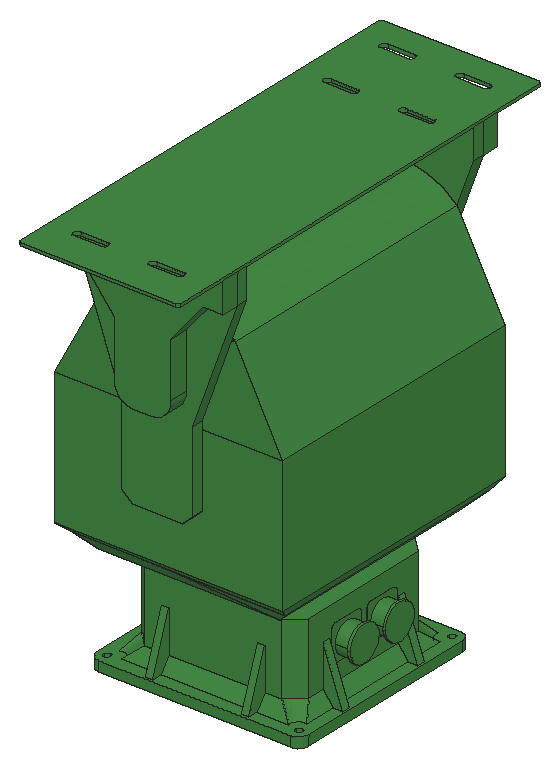
Revit family "SDP-883 Поворотное устройство", category Оборудование, Revit 2017
Family settings
  Размер круглого соединителя = Использовать диаметр
  Тип детали = Нормальный
  На основе рабочей плоскости = Нет
  Всегда вертикально = Нет
  При загрузке вырезать с полостями = Нет
  Общий = Нет
  Точка расчета площади = Нет
Parameters (values of type "SDP-883 Поворотное устройство")
  угол поворота [instance] = 0.00°
  Угол поворота по горизонтали, град. = 360.00°
  Угол обзора по вертикали, град. = "±45"
  Точность позиционирования, град. = 0.5
  Смещение_УГО_Y [instance] = 0 mm
  Смещение_УГО_X [instance] = 0 mm
  Скорость поворота по горизонтали, град/сек. = "0,01-30"
  Скорость поворота по вертикали, град/сек. = "0,01-15"
  Режим работы = "непрерывный"
  Раздел проекта [instance] = ""
  Раздел Спецификации [instance] = ""
  Потребляемый ток, не более, А = 4.5 A
  Потребляемый ток в режиме экономии энергии, не более, А = 0.6 A
  Напряжение электропитания постоянного тока, В = "24±10%"
  Максимальная нагрузка, кг = 50
  Количество предустановок, шт. = 30
  Интерфейс управления = "Ethernet 100 Мбит/с"
  Защита от внешних воздействий = "IP66"
  Диапазон рабочих температур, ºС = "от -40 до +50"
  Выходное напряжение постоянного тока, В = 24
  В_угол поворота [instance] = if(and(угол поворота > -89.99°, not(угол поворота > 90.01°)), угол поворота, 0.00°)  # 0.00°
  В_Смещение_УГО_Y [instance] = Смещение_УГО_Y + 2000 mm  # 2000 mm
  В_Смещение_УГО_X [instance] = Смещение_УГО_X + 2000 mm  # 2000 mm
  d_короба = 20 mm
  ADSK_Размер_Ширина = 233 mm
  ADSK_Размер_Длина = 450 mm
  ADSK_Размер_Высота = 404 mm
  ADSK_Примечание = ""
  ADSK_Наименование = "Поворотное устройство SDP-883"
  ADSK_Масса = 22
  ADSK_Марка = "СТВФ.426459.074"
  ADSK_Количество = 1
  ADSK_Завод-изготовитель = "ООО «Основа Безопасности»"  # constant formula
  ADSK_Единица измерения = "шт."  # constant formula
  ADSK_URL страницы изделия = "https://stilsoft.ru/products/sdp-883"
  ADSK_URL документации изделия = ""
Reference planes
  plane 1 "По центру (Вперед/Назад)": y = 0
  plane 2: z = 0
  plane 3 "По центру (Влево/Вправо)": x = 0
  plane 4: y = 2000
  plane 5: x = -2000
  plane 6: x = 0
  plane 7: y = 0
  plane 8: x = 116.5
  plane 9: x = -116.5
  plane 10: z = 404
  plane 11: y = 225
  plane 12: y = -225
  plane 13: z = 319.906
  plane 14: z = 313.828
Forms (mm)
  Extrusion 1, solid, material "По умолчанию", detail levels medium+fine
    sketch origin (0, 0, 0) x (1, 0, 0) y (0, 1, 0)
      loop
        arc (-95, 105) -> (-102.071, 102.071) -> (-105, 95) r 10
        line (-105, 95) -> (-105, -95)
        arc (-105, -95) -> (-102.071, -102.071) -> (-95, -105) r 10
        line (-95, -105) -> (95, -105)
        arc (95, -105) -> (102.071, -102.071) -> (105, -95) r 10
        line (105, -95) -> (105, 95)
        arc (105, 95) -> (102.071, 102.071) -> (95, 105) r 10
        line (95, 105) -> (-95, 105)
      loop
        circle (-95, 95) r 3.39
      loop
        circle (95, 95) r 3.39
      loop
        circle (-95, -95) r 3.39
      loop
        circle (95, -95) r 3.39
    from 0 to 10
  Extrusion 2, solid, material "По умолчанию", detail levels medium+fine
    sketch origin (0, 0, 0) x (1, 0, 0) y (0, 1, 0)
      loop
        line (82.5, 67.5) -> (67.5, 82.5) -> (-67.5, 82.5) -> (-82.5, 67.5) -> (-82.5, -67.5) -> (-67.5, -82.5) -> (67.5, -82.5) -> (82.5, -67.5) -> (82.5, 67.5)
    from 23 to 93
  Blend 3, solid, material "По умолчанию", detail levels medium+fine
    base sketch origin (0, 0, 0) x (1, 0, 0) y (0, 1, 0)
      loop
        arc (-82.5, 92.5) -> (-84.328, 84.328) -> (-92.5, 82.5) r 7.816
        line (-92.5, 82.5) -> (-92.5, -82.5)
        arc (-92.5, -82.5) -> (-84.328, -84.328) -> (-82.5, -92.5) r 7.816
        line (-82.5, -92.5) -> (82.5, -92.5)
        arc (82.5, -92.5) -> (84.328, -84.328) -> (92.5, -82.5) r 7.816
        line (92.5, -82.5) -> (92.5, 82.5)
        arc (92.5, 82.5) -> (84.328, 84.328) -> (82.5, 92.5) r 7.816
        line (82.5, 92.5) -> (-82.5, 92.5)
    top sketch origin (0, 0, 0) x (1, 0, 0) y (0, 1, 0)
      loop
        line (-82.5, -67.5) -> (-67.5, -82.5) -> (67.5, -82.5) -> (82.5, -67.5) -> (82.5, 67.5) -> (67.5, 82.5) -> (-67.5, 82.5) -> (-82.5, 67.5) -> (-82.5, -67.5)
    from 10 to 23
  Extrusion 4, solid, material "По умолчанию", detail levels medium+fine
    sketch origin (0, 0, 0) x (1, 0, 0) y (0, 0, 1)
      loop
        line (82.5, 65) -> (82.5, 23) -> (92.5, 10) -> (102.5, 10) -> (82.5, 65)
    from 43 to 50
  Extrusion 5, solid, material "По умолчанию", detail levels medium+fine
    sketch origin (0, 0, 0) x (1, 0, 0) y (0, 0, -1)
      loop
        line (82.5, -65) -> (102.5, -10) -> (92.5, -10) -> (82.5, -23) -> (82.5, -65)
    from 43 to 50
  Extrusion 6, solid, material "По умолчанию", detail levels medium+fine
    sketch origin (-94, 0, 0) x (0, -1, 0) y (0, 0, -1)
      loop
        line (82.5, -65) -> (102.5, -10) -> (92.5, -10) -> (82.5, -23) -> (82.5, -65)
    from 43 to 50
  Extrusion 7, solid, material "По умолчанию", detail levels medium+fine
    sketch origin (94, 0, 0) x (0, -1, 0) y (0, 0, 1)
      loop
        line (82.5, 65) -> (82.5, 23) -> (92.5, 10) -> (102.5, 10) -> (82.5, 65)
    from 43 to 50
  Extrusion 8, solid, material "По умолчанию", detail levels medium+fine
    sketch origin (-94, 0, 0) x (0, 1, 0) y (0, 0, 1)
      loop
        line (82.5, 65) -> (82.5, 23) -> (92.5, 10) -> (102.5, 10) -> (82.5, 65)
    from 43 to 50
  Extrusion 9, solid, material "По умолчанию", detail levels medium+fine
    sketch origin (94, 0, 0) x (0, 1, 0) y (0, 0, -1)
      loop
        line (82.5, -65) -> (102.5, -10) -> (92.5, -10) -> (82.5, -23) -> (82.5, -65)
    from 43 to 50
  Extrusion 10, solid, material "По умолчанию", detail levels medium+fine
    sketch origin (0, 0, 0) x (1, 0, 0) y (0, 1, 0)
      loop
        circle (0, 0) r 55
    from 93 to 95
  Extrusion 11, solid, material "По умолчанию", detail levels medium+fine
    sketch origin (0, 0, 0) x (1, 0, 0) y (0, 1, 0)
      loop
        circle (0, 0) r 40
    from 95 to 100
  Extrusion 12, solid, material "По умолчанию", detail levels medium+fine
    sketch origin (0, 0, 0) x (1, 0, 0) y (0, 1, 0)
      loop
        circle (0, 0) r 48
    from 100 to 108
  Extrusion 13, solid, material "По умолчанию", detail levels medium+fine
    sketch origin (0, 0, 0) x (1, 0, 0) y (0, 1, 0)
      loop
        circle (0, 0) r 56
    from 108 to 114
  Blend 14, solid, material "По умолчанию", detail levels medium+fine
    base sketch origin (0, 0, 0) x (1, 0, 0) y (0, 1, 0)
      loop
        line (90, -112) -> (90, 113) -> (-90, 113) -> (-90, -112) -> (90, -112)
    top sketch origin (0, 0, 0) x (1, 0, 0) y (0, 1, 0)
      loop
        line (0, -126) -> (106.5, -126) -> (106.5, 126) -> (-106.5, 126) -> (-106.5, -126) -> (0, -126)
    from 114 to 130
  Extrusion 15, solid, material "По умолчанию", detail levels medium+fine
    sketch origin (0, 0, 0) x (1, 0, 0) y (0, 1, 0)
      loop
        line (-113, -137) -> (113, -137) -> (113, 137) -> (-113, 137) -> (-113, -137)
    from 140 to 274
  Blend 16, solid, material "По умолчанию", detail levels medium+fine
    base sketch origin (0, 0, 0) x (1, 0, 0) y (0, 1, 0)
      loop
        line (-106.5, 126) -> (-106.5, -126) -> (106.5, -126) -> (106.5, 126) -> (-106.5, 126)
    top sketch origin (0, 0, 0) x (1, 0, 0) y (0, 1, 0)
      loop
        line (-113, 137) -> (-113, -137) -> (113, -137) -> (113, 137) -> (-113, 137)
    from 130 to 140
  Blend 17, solid, material "По умолчанию", detail levels medium+fine
    base sketch origin (0, 0, 0) x (1, 0, 0) y (0, 1, 0)
      loop
        line (-113, 137) -> (-113, -137) -> (113, -137) -> (113, 137) -> (-113, 137)
    top sketch origin (0, 0, 0) x (1, 0, 0) y (0, 1, 0)
      loop
        line (-66, 137) -> (-66, -137) -> (66, -137) -> (66, 137) -> (-66, 137)
    from 274 to 364
  Extrusion 18, solid, material "По умолчанию", detail levels medium+fine
    sketch origin (0, 0, 0) x (1, 0, 0) y (0, 0, 1)
      loop
        line (-66, 364) -> (66, 364)
        spline (66, 364) -> (56.109, 372.34) -> (45.605, 378.488) -> (34.623, 382.754) -> (23.294, 385.451) -> (11.753, 386.892) -> (0.131, 387.39) -> (-11.45, 387.133) -> (-22.906, 385.876) -> (-34.163, 383.276) -> (-45.147, 378.992) -> (-55.785, 372.681) -> (-66, 364)
    from -137 to 137
  Extrusion 19, solid, material "По умолчанию", detail levels medium+fine
    sketch origin (0, 0, 0) x (0, 1, 0) y (0, 0, 1)
      loop
        line (-8.916, 75.764) -> (-34.916, 75.764)
        arc (-34.916, 75.764) -> (-38.452, 74.3) -> (-39.916, 70.764) r 5
        line (-39.916, 70.764) -> (-39.916, 44.764)
        arc (-39.916, 44.764) -> (-38.452, 41.229) -> (-34.916, 39.764) r 5
        line (-34.916, 39.764) -> (-8.916, 39.764)
        arc (-8.916, 39.764) -> (-5.381, 41.229) -> (-3.916, 44.764) r 5
        line (-3.916, 44.764) -> (-3.916, 70.764)
        arc (-3.916, 70.764) -> (-5.381, 74.3) -> (-8.916, 75.764) r 5
      loop
        arc (8.916, 75.764) -> (5.381, 74.3) -> (3.916, 70.764) r 5
        line (3.916, 70.764) -> (3.916, 44.764)
        arc (3.916, 44.764) -> (5.381, 41.229) -> (8.916, 39.764) r 5
        line (8.916, 39.764) -> (34.916, 39.764)
        arc (34.916, 39.764) -> (38.452, 41.229) -> (39.916, 44.764) r 5
        line (39.916, 44.764) -> (39.916, 70.764)
        arc (39.916, 70.764) -> (38.452, 74.3) -> (34.916, 75.764) r 5
        line (34.916, 75.764) -> (8.916, 75.764)
    from 82.5 to 83.855
  Extrusion 20, solid, material "По умолчанию", detail levels medium+fine
    sketch origin (0, 0, 0) x (0, 1, 0) y (0, 0, -1)
      loop
        arc (-8.916, -75.764) -> (-5.381, -74.3) -> (-3.916, -70.764) r 5
        line (-3.916, -70.764) -> (-3.916, -44.764)
        arc (-3.916, -44.764) -> (-5.381, -41.229) -> (-8.916, -39.764) r 5
        line (-8.916, -39.764) -> (-34.916, -39.764)
        arc (-34.916, -39.764) -> (-38.452, -41.229) -> (-39.916, -44.764) r 5
        line (-39.916, -44.764) -> (-39.916, -70.764)
        arc (-39.916, -70.764) -> (-38.452, -74.3) -> (-34.916, -75.764) r 5
        line (-34.916, -75.764) -> (-8.916, -75.764)
      loop
        line (8.916, -75.764) -> (34.916, -75.764)
        arc (34.916, -75.764) -> (38.452, -74.3) -> (39.916, -70.764) r 5
        line (39.916, -70.764) -> (39.916, -44.764)
        arc (39.916, -44.764) -> (38.452, -41.229) -> (34.916, -39.764) r 5
        line (34.916, -39.764) -> (8.916, -39.764)
        arc (8.916, -39.764) -> (5.381, -41.229) -> (3.916, -44.764) r 5
        line (3.916, -44.764) -> (3.916, -70.764)
        arc (3.916, -70.764) -> (5.381, -74.3) -> (8.916, -75.764) r 5
    from 82.5 to 83.855
  Extrusion 21, solid, material "По умолчанию", detail levels medium+fine
    sketch origin (0, 0, 0) x (0, 1, 0) y (0, 0, 1)
      loop
        circle (21.916, 57.764) r 15
      loop
        circle (-21.916, 57.764) r 15
    from 83.855 to 99
  Extrusion 22, solid, material "По умолчанию", detail levels medium+fine
    sketch origin (0, 0, 0) x (0, 1, 0) y (0, 0, -1)
      loop
        circle (21.916, -57.764) r 15
      loop
        circle (-21.916, -57.764) r 15
    from 83.855 to 99
  Extrusion 23, solid, material "По умолчанию", detail levels medium+fine
    sketch origin (0, 0, 0) x (0, 1, 0) y (0, 0, 1)
      loop
        circle (-21.916, 57.764) r 17.5
      loop
        circle (21.916, 57.764) r 17.5
    from 99 to 101.419
  Extrusion 24, solid, material "По умолчанию", detail levels medium+fine
    sketch origin (0, 0, 0) x (0, 1, 0) y (0, 0, -1)
      loop
        circle (-21.916, -57.764) r 17.5
      loop
        circle (21.916, -57.764) r 17.5
    from 99 to 101.419
  Extrusion 25, solid, material "По умолчанию", detail levels medium+fine
    sketch origin (0, 0, 0) x (1, 0, 0) y (0, 0, 1)
      loop
        circle (0, 319.906) r 21
    from 137 to 140.405
  Extrusion 26, solid, material "По умолчанию", detail levels medium+fine
    sketch origin (0, 0, 0) x (1, 0, 0) y (0, 0, -1)
      loop
        circle (0, -319.906) r 21
    from 137 to 140.405
Lines and regions (mm)
  reference lines
    curve 1: line (0, 0, 319.906) -> (195, 0, 319.906)
Dimensions and locks
  locked: plane 4 to plane 1 "По центру (Вперед/Назад)" at 2000
  locked: plane 5 to plane 3 "По центру (Влево/Вправо)" at 2000
  "В_Смещение_УГО_X": plane 5 to plane 6
  "В_Смещение_УГО_Y": plane 4 to plane 7
  Extrusion 15 to Extrusion 1 = 274 mm
  locked: plane 13 to plane 14 at 6.078
  "В_угол поворота": angle plane 14 to curve 1
  aligned and locked: level to plane 2
  aligned and locked: nested 1 to curve 1
  aligned and locked: plane 13 to curve 1
  aligned and locked: plane 3 "По центру (Влево/Вправо)" to curve 1
Automatic sketch dimensions
  Extrusion 1 sketch curve to Extrusion 1 sketch curve = 0 mm  (x8)
  Extrusion 1 sketch curve to plane 9 = 11.5 mm
  Extrusion 1 sketch curve to Extrusion 1 sketch curve = 10 mm  (x3)
  Extrusion 1 sketch curve to plane 8 = 21.5 mm  (x2)
  plane 1 "По центру (Вперед/Назад)" to Extrusion 1 sketch curve = 105 mm
  Extrusion 1 sketch curve to plane 1 "По центру (Вперед/Назад)" = 95 mm
  Extrusion 2 sketch curve to plane 9 = 34 mm
  Extrusion 2 sketch curve to Extrusion 2 sketch curve = 15 mm  (x6)
  Extrusion 2 sketch curve to plane 8 = 49 mm  (x2)
  plane 1 "По центру (Вперед/Назад)" to Extrusion 2 sketch curve = 82.5 mm
  Extrusion 2 sketch curve to plane 1 "По центру (Вперед/Назад)" = 67.5 mm  (x2)
  Blend 3 sketch curve to plane 9 = 24 mm
  Blend 3 sketch curve to Blend 3 sketch curve = 2.646 mm  (x5)
  Blend 3 sketch curve to Blend 3 sketch curve = 7.354 mm  (x5)
  Blend 3 sketch curve to plane 8 = 34 mm  (x2)
  plane 1 "По центру (Вперед/Назад)" to Blend 3 sketch curve = 92.5 mm
  Blend 3 sketch curve to plane 1 "По центру (Вперед/Назад)" = 82.5 mm  (x2)
  Blend 3 sketch curve to plane 9 = 34 mm
  Blend 3 sketch curve to Blend 3 sketch curve = 15 mm  (x6)
  Blend 3 sketch curve to plane 8 = 49 mm  (x2)
  plane 1 "По центру (Вперед/Назад)" to Blend 3 sketch curve = 82.5 mm
  Blend 3 sketch curve to plane 1 "По центру (Вперед/Назад)" = 67.5 mm  (x2)
  Extrusion 4 sketch curve to plane 8 = 34 mm
  Extrusion 4 sketch curve to Extrusion 4 sketch curve = 10 mm  (x2)
  level to Extrusion 4 sketch curve = 10 mm
  Extrusion 4 sketch curve to Extrusion 4 sketch curve = 13 mm
  Extrusion 4 sketch curve to Extrusion 4 sketch curve = 42 mm
  Extrusion 5 sketch curve to plane 8 = 34 mm
  Extrusion 5 sketch curve to Extrusion 5 sketch curve = 10 mm  (x2)
  level to Extrusion 5 sketch curve = 65 mm
  level to Extrusion 5 sketch curve = 23 mm
  level to Extrusion 5 sketch curve = 10 mm
  level to Extrusion 6 sketch curve = 23 mm
  plane 1 "По центру (Вперед/Назад)" to Extrusion 6 sketch curve = 82.5 mm
  Extrusion 6 sketch curve to Extrusion 6 sketch curve = 10 mm  (x2)
  level to Extrusion 6 sketch curve = 10 mm
  Extrusion 6 sketch curve to Extrusion 6 sketch curve = 42 mm
  level to Extrusion 7 sketch curve = 23 mm
  plane 1 "По центру (Вперед/Назад)" to Extrusion 7 sketch curve = 82.5 mm
  Extrusion 7 sketch curve to Extrusion 7 sketch curve = 10 mm  (x2)
  level to Extrusion 7 sketch curve = 10 mm
  Extrusion 7 sketch curve to Extrusion 7 sketch curve = 42 mm
  level to Extrusion 8 sketch curve = 23 mm
  Extrusion 8 sketch curve to plane 1 "По центру (Вперед/Назад)" = 82.5 mm
  Extrusion 8 sketch curve to Extrusion 8 sketch curve = 10 mm  (x2)
  level to Extrusion 8 sketch curve = 10 mm
  Extrusion 8 sketch curve to Extrusion 8 sketch curve = 42 mm
  level to Extrusion 9 sketch curve = 23 mm
  Extrusion 9 sketch curve to plane 1 "По центру (Вперед/Назад)" = 82.5 mm
  Extrusion 9 sketch curve to Extrusion 9 sketch curve = 10 mm  (x2)
  level to Extrusion 9 sketch curve = 10 mm
  Extrusion 9 sketch curve to Extrusion 9 sketch curve = 42 mm
  plane 1 "По центру (Вперед/Назад)" to Extrusion 10 sketch curve = 0 mm
  Extrusion 10 sketch curve to plane 3 "По центру (Влево/Вправо)" = 0 mm
  plane 1 "По центру (Вперед/Назад)" to Extrusion 11 sketch curve = 0 mm
  Extrusion 11 sketch curve to plane 3 "По центру (Влево/Вправо)" = 0 mm
  plane 1 "По центру (Вперед/Назад)" to Extrusion 12 sketch curve = 0 mm
  Extrusion 12 sketch curve to plane 3 "По центру (Влево/Вправо)" = 0 mm
  plane 1 "По центру (Вперед/Назад)" to Extrusion 13 sketch curve = 0 mm
  Extrusion 13 sketch curve to plane 3 "По центру (Влево/Вправо)" = 0 mm
  Blend 14 sketch curve to plane 9 = 26.5 mm
  Blend 14 sketch curve to plane 8 = 26.5 mm
  plane 1 "По центру (Вперед/Назад)" to Blend 14 sketch curve = 112 mm
  Blend 14 sketch curve to plane 11 = 112 mm
  Blend 14 sketch curve to plane 3 "По центру (Влево/Вправо)" = 0 mm
  Blend 14 sketch curve to plane 9 = 10 mm
  Blend 14 sketch curve to plane 8 = 10 mm
  Blend 14 sketch curve to plane 12 = 99 mm
  Blend 14 sketch curve to plane 11 = 99 mm
  Extrusion 15 sketch curve to plane 9 = 3.5 mm
  Extrusion 15 sketch curve to plane 8 = 3.5 mm
  Extrusion 15 sketch curve to plane 12 = 88 mm
  Extrusion 15 sketch curve to plane 11 = 88 mm
  Blend 16 sketch curve to plane 9 = 10 mm
  Blend 16 sketch curve to plane 8 = 10 mm
  Blend 16 sketch curve to plane 12 = 99 mm
  Blend 16 sketch curve to plane 11 = 99 mm
  Blend 16 sketch curve to plane 9 = 3.5 mm
  Blend 16 sketch curve to plane 8 = 3.5 mm
  Blend 16 sketch curve to plane 12 = 88 mm
  Blend 16 sketch curve to plane 11 = 88 mm
  Blend 17 sketch curve to plane 9 = 3.5 mm
  Blend 17 sketch curve to plane 8 = 3.5 mm
  Blend 17 sketch curve to plane 12 = 88 mm  (x2)
  Blend 17 sketch curve to plane 11 = 88 mm  (x2)
  Blend 17 sketch curve to plane 9 = 50.5 mm
  Blend 17 sketch curve to plane 8 = 50.5 mm
  Extrusion 18 sketch curve to plane 9 = 50.5 mm
  Extrusion 18 sketch curve to plane 8 = 50.5 mm
  Extrusion 18 sketch curve to plane 10 = 40 mm
  plane 1 "По центру (Вперед/Назад)" to Extrusion 19 sketch curve = 39.916 mm
  Extrusion 19 sketch curve to Extrusion 19 sketch curve = 5 mm  (x6)
  plane 1 "По центру (Вперед/Назад)" to Extrusion 19 sketch curve = 8.916 mm  (x2)
  plane 1 "По центру (Вперед/Назад)" to Extrusion 19 sketch curve = 3.916 mm
  Extrusion 19 sketch curve to plane 1 "По центру (Вперед/Назад)" = 3.916 mm
  Extrusion 19 sketch curve to Extrusion 19 sketch curve = 26 mm  (x4)
  level to Extrusion 19 sketch curve = 39.764 mm
  plane 1 "По центру (Вперед/Назад)" to Extrusion 20 sketch curve = 39.916 mm
  Extrusion 20 sketch curve to Extrusion 20 sketch curve = 5 mm  (x6)
  plane 1 "По центру (Вперед/Назад)" to Extrusion 20 sketch curve = 8.916 mm  (x2)
  plane 1 "По центру (Вперед/Назад)" to Extrusion 20 sketch curve = 3.916 mm
  Extrusion 20 sketch curve to plane 1 "По центру (Вперед/Назад)" = 3.916 mm
  Extrusion 20 sketch curve to Extrusion 20 sketch curve = 26 mm  (x4)
  level to Extrusion 20 sketch curve = 75.764 mm
  plane 1 "По центру (Вперед/Назад)" to Extrusion 21 sketch curve = 21.916 mm
  Extrusion 21 sketch curve to plane 1 "По центру (Вперед/Назад)" = 21.916 mm
  level to Extrusion 21 sketch curve = 57.764 mm
  Extrusion 21 sketch curve to Extrusion 21 sketch curve = 0 mm
  plane 1 "По центру (Вперед/Назад)" to Extrusion 22 sketch curve = 21.916 mm
  Extrusion 22 sketch curve to plane 1 "По центру (Вперед/Назад)" = 21.916 mm
  level to Extrusion 22 sketch curve = 57.764 mm
  Extrusion 22 sketch curve to Extrusion 22 sketch curve = 0 mm
  plane 1 "По центру (Вперед/Назад)" to Extrusion 23 sketch curve = 21.916 mm
  Extrusion 23 sketch curve to plane 1 "По центру (Вперед/Назад)" = 21.916 mm
  level to Extrusion 23 sketch curve = 57.764 mm
  Extrusion 23 sketch curve to Extrusion 23 sketch curve = 0 mm
  plane 1 "По центру (Вперед/Назад)" to Extrusion 24 sketch curve = 21.916 mm
  Extrusion 24 sketch curve to plane 1 "По центру (Вперед/Назад)" = 21.916 mm
  level to Extrusion 24 sketch curve = 57.764 mm
  Extrusion 24 sketch curve to Extrusion 24 sketch curve = 0 mm
  Extrusion 25 sketch curve to plane 3 "По центру (Влево/Вправо)" = 0 mm
  Extrusion 25 sketch curve to plane 10 = 84.094 mm
  Extrusion 26 sketch curve to plane 3 "По центру (Влево/Вправо)" = 0 mm
  Extrusion 26 sketch curve to plane 10 = 84.094 mm
  radius of Extrusion 1 sketch curve = 3.39 mm  (x4)
  radius of Extrusion 10 sketch curve = 55 mm
  radius of Extrusion 11 sketch curve = 40 mm
  radius of Extrusion 12 sketch curve = 48 mm
  radius of Extrusion 13 sketch curve = 56 mm
  radius of Extrusion 21 sketch curve = 15 mm  (x2)
  radius of Extrusion 22 sketch curve = 15 mm  (x2)
  radius of Extrusion 23 sketch curve = 17.5 mm  (x2)
  radius of Extrusion 24 sketch curve = 17.5 mm  (x2)
  radius of Extrusion 25 sketch curve = 21 mm
  radius of Extrusion 26 sketch curve = 21 mm
Nested families
  nested 1: "поворотный элемент" at (0, 0, 319.906), type "поворотный элемент"
Connectors
  electrical at (101.419, -21.916, 57.764)
    settings: on Extrusion 23, index 1, voltage 0 V, apparent load 0 VA, apparent load phase1 0 VA, apparent load phase2 0 VA, apparent load phase3 0 VA, power factor 1, load classification "Прочее", number of poles 1, system type 31, power factor state 1, is connector primary yes, connector utility no, sub classification motor no, connector description ""
  electrical at (101.419, 21.916, 57.764)
    settings: on Extrusion 23, index 2, voltage 0 V, apparent load 0 VA, apparent load phase1 0 VA, apparent load phase2 0 VA, apparent load phase3 0 VA, power factor 1, load classification "Прочее", number of poles 1, system type 31, power factor state 1, is connector primary no, connector utility no, sub classification motor no, connector description ""
  electrical at (-101.419, 21.916, 57.764)
    settings: on Extrusion 24, index 3, voltage 0 V, apparent load 0 VA, apparent load phase1 0 VA, apparent load phase2 0 VA, apparent load phase3 0 VA, power factor 1, load classification "Прочее", number of poles 1, system type 31, power factor state 1, is connector primary no, connector utility no, sub classification motor no, connector description ""
  electrical at (-101.419, -21.916, 57.764)
    settings: on Extrusion 24, index 4, voltage 0 V, apparent load 0 VA, apparent load phase1 0 VA, apparent load phase2 0 VA, apparent load phase3 0 VA, power factor 1, load classification "Прочее", number of poles 1, system type 31, power factor state 1, is connector primary no, connector utility no, sub classification motor no, connector description ""
  cabletrayconduit at (-101.419, -21.916, 57.764), diameter 20, driven by "d_короба"
    settings: on Extrusion 24, index 5, connector width 300 mm, connector height 300 mm, connector angle 0.00°, system type 32, placement type 0, profile type 0, connector reference index -1, is primary connector yes, connector utility param no, connector description ""
  cabletrayconduit at (-101.419, 21.916, 57.764), diameter 20, driven by "d_короба"
    settings: on Extrusion 24, index 6, connector width 300 mm, connector height 300 mm, connector angle 0.00°, system type 32, placement type 0, profile type 0, connector reference index -1, is primary connector no, connector utility param no, connector description ""
  cabletrayconduit at (101.419, -21.916, 57.764), diameter 20, driven by "d_короба"
    settings: on Extrusion 23, index 7, connector width 300 mm, connector height 300 mm, connector angle 0.00°, system type 32, placement type 0, profile type 0, connector reference index -1, is primary connector no, connector utility param no, connector description ""
  cabletrayconduit at (101.419, 21.916, 57.764), diameter 20, driven by "d_короба"
    settings: on Extrusion 23, index 8, connector width 300 mm, connector height 300 mm, connector angle 0.00°, system type 32, placement type 0, profile type 0, connector reference index -1, is primary connector no, connector utility param no, connector description ""
Definition of nested family "поворотный элемент"
  Parameters (values of type "поворотный элемент")
    Default Elevation = 1219.2 mm
  Reference planes
    plane 1 "По центру (Вперед/Назад)": y = 0
    plane 2: z = 0
    plane 3 "По центру (Влево/Вправо)": x = 0
    plane 4: z = -126
    plane 5: z = 120
  Forms (mm)
    Extrusion 1, solid, detail levels medium+fine
      sketch origin (0, 0, 0) x (1, 0, 0) y (0, 0, 1)
        loop
          line (25, -126) -> (35, -116) -> (35, -36) -> (79.5, 87) -> (79.5, 117) -> (-79.5, 117) -> (-79.5, 87) -> (-35, -36) -> (-35, -116) -> (-25, -126) -> (25, -126)
      from 141 to 151.5
    Extrusion 2, solid, detail levels medium+fine
      sketch origin (0, 0, 0) x (1, 0, 0) y (0, 0, -1)
        loop
          line (25, 126) -> (-25, 126) -> (-35, 116) -> (-35, 36) -> (-79.5, -87) -> (-79.5, -117) -> (79.5, -117) -> (79.5, -87) -> (35, 36) -> (35, 116) -> (25, 126)
      from 141 to 151.5
    Extrusion 3, solid, detail levels medium+fine
      sketch origin (0, 0, 0) x (1, 0, 0) y (0, 0, 1)
        loop
          line (-79.5, 117) -> (-79.5, 87) -> (-60.5, 87) -> (-28, 47) -> (-28, -8)
          arc (-28, -8) -> (-22.142, -22.142) -> (-8, -28) r 20
          line (-8, -28) -> (8, -28)
          arc (8, -28) -> (22.142, -22.142) -> (28, -8) r 20
          line (28, -8) -> (28, 47) -> (60.5, 87) -> (79.5, 87) -> (79.5, 117) -> (-79.5, 117)
      from 151.5 to 170
    Extrusion 4, solid, detail levels medium+fine
      sketch origin (0, 0, 0) x (1, 0, 0) y (0, 0, -1)
        loop
          line (-79.5, -117) -> (79.5, -117) -> (79.5, -87) -> (60.5, -87) -> (28, -47) -> (28, 8)
          arc (28, 8) -> (22.142, 22.142) -> (8, 28) r 20
          line (8, 28) -> (-8, 28)
          arc (-8, 28) -> (-22.142, 22.142) -> (-28, 8) r 20
          line (-28, 8) -> (-28, -47) -> (-60.5, -87) -> (-79.5, -87) -> (-79.5, -117)
      from 151.5 to 170
    Extrusion 5, solid, detail levels medium+fine
      sketch origin (0, 0, 0) x (1, 0, 0) y (0, 1, 0)
        loop
          line (-76.945, 225) -> (-79.722, 222.223) -> (-79.722, -222.223) -> (-76.945, -225) -> (76.945, -225) -> (79.5, -222.445) -> (79.5, 222.445) -> (76.945, 225) -> (-76.945, 225)
        loop
          arc (-51.099, 197.142) -> (-55.099, 193.142) -> (-51.099, 189.142) r 4
          line (-51.099, 189.142) -> (-24.151, 189.142)
          arc (-24.151, 189.142) -> (-20.151, 193.142) -> (-24.151, 197.142) r 4
          line (-24.151, 197.142) -> (-51.099, 197.142)
        loop
          line (51.099, 197.142) -> (24.151, 197.142)
          arc (24.151, 197.142) -> (20.151, 193.142) -> (24.151, 189.142) r 4
          line (24.151, 189.142) -> (51.099, 189.142)
          arc (51.099, 189.142) -> (55.099, 193.142) -> (51.099, 197.142) r 4
        loop
          arc (-51.099, 127.142) -> (-55.099, 123.142) -> (-51.099, 119.142) r 4
          line (-51.099, 119.142) -> (-24.151, 119.142)
          arc (-24.151, 119.142) -> (-20.151, 123.142) -> (-24.151, 127.142) r 4
          line (-24.151, 127.142) -> (-51.099, 127.142)
        loop
          line (51.099, 127.142) -> (24.151, 127.142)
          arc (24.151, 127.142) -> (20.151, 123.142) -> (24.151, 119.142) r 4
          line (24.151, 119.142) -> (51.099, 119.142)
          arc (51.099, 119.142) -> (55.099, 123.142) -> (51.099, 127.142) r 4
        loop
          arc (-51.099, -182.858) -> (-55.099, -186.858) -> (-51.099, -190.858) r 4
          line (-51.099, -190.858) -> (-24.151, -190.858)
          arc (-24.151, -190.858) -> (-20.151, -186.858) -> (-24.151, -182.858) r 4
          line (-24.151, -182.858) -> (-51.099, -182.858)
        loop
          line (51.099, -182.858) -> (24.151, -182.858)
          arc (24.151, -182.858) -> (20.151, -186.858) -> (24.151, -190.858) r 4
          line (24.151, -190.858) -> (51.099, -190.858)
          arc (51.099, -190.858) -> (55.099, -186.858) -> (51.099, -182.858) r 4
      from 117 to 120
  Dimensions and locks
    aligned and locked: level to plane 2
